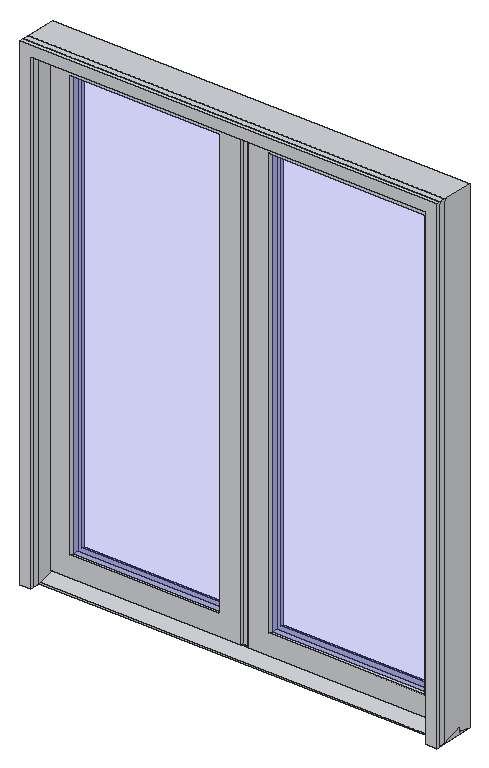
Revit family "9101", category Doors, host Wall, Revit 2016
Family settings
  Host = Wall
  OmniClass Number = 23.30.10.00
  OmniClass Title = Doors
  Always vertical = Yes
  Cut with Voids When Loaded = No
  Shared = No
  Room Calculation Point = No
Parameters (values of type "1788x2088mm")
  frame 176mm [instance] = yes
  frame 157mm [instance] = yes
  Width left leaf = 894 mm
  Rough Width = Width + (2 * Joint)  # 1812 mm
  Rough Height = Height + (2 * Joint)  # 2112 mm
  Placement in wall = 40 mm
  Manufacturer = "www.kronevinduer.dk"
  Joint = 12 mm
  Function = Interior
  Frame Projection Ext. = 25 mm
  Frame Projection Int. = 25 mm
  Frame Width = 75 mm
  Height = 2088 mm
  Wall Closure = By host
  Width = 1788 mm
  Bottom Placement = Placement in wall + 59 mm  # 99 mm
Reference planes
  plane 1: y = 0
  plane 2 "Center (Left/Right)": x = 0
  plane 3 "Left": x = -894
  plane 4 "Right": x = 894
  plane 5: z = 2088
  plane 6 "Exterior": y = 75
  plane 7 "Interior": y = -75
  plane 8: y = 35
  plane 9: x = 882
  plane 10: x = -882
  plane 11: z = 2076
  plane 12: z = 12
  plane 13: x = -12
  plane 14: y = -64
  plane 15: z = 23
Forms (mm)
  Sweep 1, solid
    path origin (0, 75, 0) x (1, 0, 0) y (0, 0, 1)
      loop
        line (882, 12) -> (-882, 12)
    profile "ALU_BOTTOM_OUTward : ALU_BOTTOM_OUTward" origin (0, 75, 12) x (0, 0, -1) y (0, -1, 0)
      loop
        line (0, 50) -> (0, 169) -> (-5.5, 169) -> (-20.949, 101) -> (-24.621, 101) -> (-24.621, 99) -> (-6.25, 99) -> (-6.25, 89) -> (-11, 89) -> (-1.763, 50) -> (0, 50)
  Sweep 2, solid
    path origin (0, 75, 0) x (1, 0, 0) y (0, 0, 1)
      loop
        line (882, 12) -> (882, 2076) -> (-882, 2076) -> (-882, 12)
    profile "COto 62 ALU_WOOD_FRAME 45x130MM_S : COto 62 ALU_WOOD_FRAME 45x130MM_S" origin (882, 75, 1044) x (-1, 0, 0) y (0, -1, 0)
      loop
        line (0, 170) -> (0, 40) -> (27, 40) -> (27, 99) -> (45, 99) -> (45, 170) -> (0, 170)
  Sweep 3, solid
    path origin (0, 75, 0) x (1, 0, 0) y (0, 0, 1)
      loop
        line (855, 23) -> (855, 2049) -> (-12, 2049) -> (-12, 23) -> (855, 23)
    profile "COto 62 ALU_WOOD_SASH_DOOR_OUTward : COto 62 ALU_WOOD_SASH_DOOR_OUTward" origin (421.5, 75, 23) x (0, 0, -1) y (0, -1, 0)
      loop
        line (0, 99) -> (-18, 99) -> (-18, 114) -> (-103, 114) -> (-103, 99) -> (-85, 99) -> (-85, 51) -> (-103, 51) -> (-103, 40) -> (0, 40) -> (0, 99)
  Sweep 4, solid
    path origin (0, 75, 0) x (1, 0, 0) y (0, 0, 1)
      loop
        line (-12, 23) -> (-12, 2049) -> (-855, 2049) -> (-855, 23) -> (-12, 23)
    profile "COto 62 ALU_WOOD_SASH_DOOR_OUTward : COto 62 ALU_WOOD_SASH_DOOR_OUTward" origin (-433.5, 75, 23) x (0, 0, -1) y (0, -1, 0)
      loop
        line (0, 99) -> (-18, 99) -> (-18, 114) -> (-103, 114) -> (-103, 99) -> (-85, 99) -> (-85, 51) -> (-103, 51) -> (-103, 40) -> (0, 40) -> (0, 99)
  Sweep 5, solid, visible <- "frame 157mm"
    path origin (0, 75, 0) x (1, 0, 0) y (0, 0, 1)
      loop
        line (882, 12) -> (882, 2076) -> (-882, 2076) -> (-882, 12)
    profile "COto 62 ALU_WOOD_FRAME 45x157MM_S : COto 62 ALU_WOOD_FRAME 45x157MM_S" origin (882, 75, 1044) x (-1, 0, 0) y (0, -1, 0)
      loop
        line (0, 197) -> (0, 40) -> (27, 40) -> (27, 99) -> (45, 99) -> (45, 197) -> (0, 197)
  Sweep 6, solid, visible <- "frame 176mm"
    path origin (0, 75, 0) x (1, 0, 0) y (0, 0, 1)
      loop
        line (882, 12) -> (882, 2076) -> (-882, 2076) -> (-882, 12)
    profile "COto 62 ALU_WOOD_FRAME 45x176MM_S : COto 62 ALU_WOOD_FRAME 45x176MM_S" origin (882, 75, 1044) x (-1, 0, 0) y (0, -1, 0)
      loop
        line (0, 216) -> (0, 40) -> (27, 40) -> (27, 99) -> (45, 99) -> (45, 216) -> (0, 216)
  Extrusion 7, solid, material "Glass"
    sketch origin (0, 0, 0) x (0, 1, 0) y (0, 0, 1)
      loop
        line (24, 108) -> (24, 1964) -> (-24, 1964) -> (-24, 108) -> (24, 108)
    from 73 to 770
  Extrusion 8, solid, material "Glass"
    sketch origin (0, 0, 0) x (0, 1, 0) y (0, 0, 1)
      loop
        line (-24, 108) -> (24, 108) -> (24, 1964) -> (-24, 1964) -> (-24, 108)
    from -770 to -97
Lines and regions (mm)
  Opening 1
    outline origin (-3050, -75, 0) x (1, 0, 0) y (0, 0, 1)
      loop
        line (2156, 0) -> (3944, 0) -> (3944, 2088) -> (2156, 2088) -> (2156, 0)
  symbolic lines, style "Plan Swing"
    curve 1: line (770, 24, 0) -> (73, 24, 0)
    curve 2: arc (73, 24, 0) -> (277.147, 516.853, 0) -> (770, 721, 0) r 697
    curve 3: line (770, 24, 0) -> (770, 721, 0)
    curve 8: arc (-97, 24, 0) -> (-294.117, 499.883, 0) -> (-770, 697, 0) r 673
    curve 9: line (-770, 24, 0) -> (-770, 697, 0)
  symbolic lines, style "Elevation Swing"
    curve 4: line (-894, 75, 2088) -> (-12, 75, 1139)
    curve 5: line (-12, 75, 1139) -> (-894, 75, 0)
    curve 6: line (894, 75, 2088) -> (-12, 75, 1139)
    curve 7: line (894, 75, 0) -> (-12, 75, 1139)
Text (mm)
  text "Exterior" at (-2295.016, 1099.543, 0), in view "Ref. Level"
  text "Exterior" at (0, 1615.38, 3698.081), in view "Left"
  text "Exterior" at (0, 1036.032, 3874.932), in view "Right"
Dimensions and locks
  equal spacing: plane 3 "Left", plane 2 "Center (Left/Right)", plane 4 "Right"
  "Width": plane 3 "Left" to plane 4 "Right"
  "Height": plane 5 to host wall
  host wall to plane 5 = 2088 mm  (x2)
  locked: plane 6 "Exterior" to host wall at 0
  locked: plane 7 "Interior" to host wall
  "Placement in wall": host wall to plane 8
  "Joint": plane 11 to plane 5
  "Joint": level to plane 12
  "Joint": plane 9 to plane 4 "Right"
  "Joint": plane 3 "Left" to plane 10
  "Bottom Placement": plane 8 to plane 14
  "Width left leaf": plane 13 to plane 9
  aligned and locked: plane 3 "Left" to Opening 1 sketch curve
  aligned and locked: plane 5 to Opening 1 sketch curve  (x2)
  aligned and locked: Opening 1 sketch curve to plane 4 "Right"
  aligned and locked: Opening 1 sketch curve to level
  aligned and locked: plane 1 to host wall
  aligned and locked: Sweep 3 sketch curve to plane 15
  aligned and locked: Sweep 3 sketch curve to Sweep 2
  aligned and locked: Sweep 2 to Sweep 3 sketch curve
  aligned and locked: Sweep 3 sketch curve to plane 13
  aligned and locked: Sweep 3 to Sweep 4 sketch curve
  aligned and locked: Sweep 4 sketch curve to Sweep 3
  aligned and locked: Sweep 4 sketch curve to Sweep 2
  aligned and locked: Sweep 2 to Sweep 4 sketch curve
  aligned and locked: curve 7 to host wall
  aligned and locked: Sweep 4 to curve 9
  aligned and locked: Sweep 2 to Extrusion 7 sketch curve
  aligned and locked: Extrusion 7 sketch curve to Sweep 3
  aligned and locked: Extrusion 7 to Sweep 3  (x4)
  aligned and locked: Extrusion 8 sketch curve to Sweep 3
  aligned and locked: Extrusion 8 sketch curve to Sweep 2
  aligned and locked: Extrusion 8 to Sweep 3  (x2)
  aligned and locked: Extrusion 8 to Sweep 4  (x2)
Automatic sketch dimensions
  plane 10 to Sweep 1 sketch curve = 0 mm
  plane 9 to Sweep 1 sketch curve = 0 mm
  Sweep 1 sketch curve to plane 12 = 0 mm
  plane 10 to Sweep 2 sketch curve = 0 mm
  plane 9 to Sweep 2 sketch curve = 0 mm
  Sweep 2 sketch curve to plane 12 = 0 mm  (x2)
  Sweep 2 sketch curve to plane 11 = 0 mm
  curve 5 to level = 0 mm
  plane 3 "Left" to curve 5 = 0 mm
  plane 3 "Left" to curve 4 = 0 mm
  plane 13 to curve 7 = 0 mm
  plane 4 "Right" to curve 6 = 0 mm
  curve 7 to level = 0 mm
  curve 6 to plane 5 = 0 mm
  curve 4 to plane 5 = 0 mm
  curve 5 to plane 11 = 937 mm
  plane 10 to Sweep 5 sketch curve = 0 mm
  plane 9 to Sweep 5 sketch curve = 0 mm
  Sweep 5 sketch curve to plane 12 = 0 mm  (x2)
  Sweep 5 sketch curve to plane 11 = 0 mm
  plane 10 to Sweep 6 sketch curve = 0 mm
  plane 9 to Sweep 6 sketch curve = 0 mm
  Sweep 6 sketch curve to plane 12 = 0 mm  (x2)
  Sweep 6 sketch curve to plane 11 = 0 mm
  curve 8 to plane 8 = 11 mm
  curve 1 to plane 8 = 11 mm
  curve 1 to plane 13 = 85 mm
  plane 9 to curve 2 = 112 mm
  plane 13 to curve 8 = 85 mm
  curve 9 to curve 8 = 0 mm
  level to Extrusion 7 sketch curve = 108 mm
  plane 5 to Extrusion 7 sketch curve = 124 mm
  level to Extrusion 8 sketch curve = 108 mm
  plane 5 to Extrusion 8 sketch curve = 124 mm
